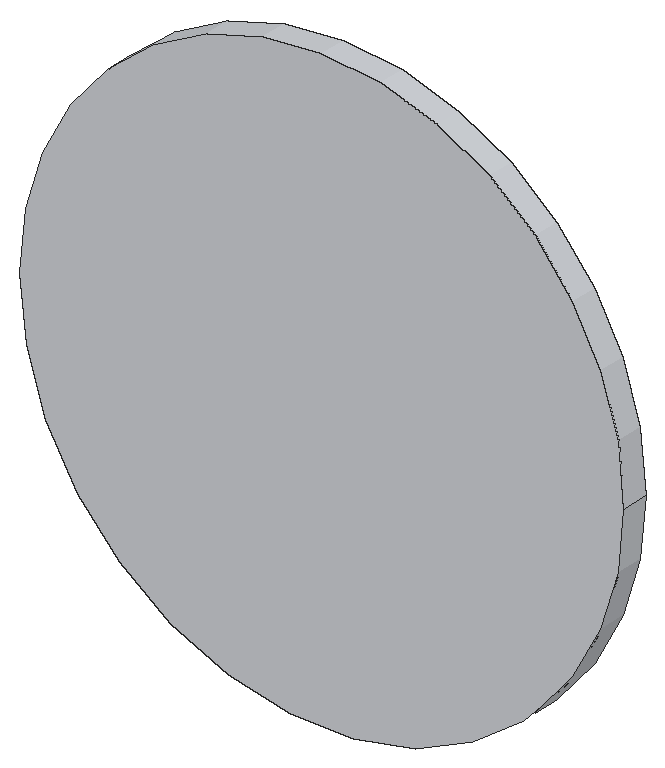
Revit family "TZF NAO P", category Aparatos sanitarios, Revit 2023
Family settings
  Cota de conector redondo = Usar diámetro
  Tipo de pieza = Normal
  Número OmniClass = 23.45.00.00
  Título OmniClass = Sanitary, Laundry, and Cleaning Equipment
  Se basa en plano de trabajo = No
  Activar corte en vistas = No
  Siempre vertical = Sí
  Corte con vacíos al cargar = No
  Mantener orientación de anotación = No
  Compartido = No
  Punto de cálculo de habitación = No
Parameters (values of type "TZF NAO P")
  URL = "https://helvex.com.mx/taza-para-fluxometro-a-pared-trampa-expuesta-tzf-nao-p"
  Comentarios de tipo = "Ceramic"
  Total Width = 16"
  Total Length = 25.6"
  Total Height = 14.6"
  Presión de Trabajo = "Pmin.= 2,0 kg/cm² para 3,5 LPD\r\nPmin.= 1,4 kg/cm² para 4,8 y 6 LPD\r\nPmax.= 6,0 kg/cm²"
  Modelo = "TZF NAO P"
  Maximum Consumption = "1,26 gpf"
  Fabricante = "HELVEX"
  Installation Adjustment = "Toilet Holder: Wall-Mount; Pipe Coupling: Spud Of Ø 1 ½\" (38 mm) And Ø 1 ¼\" (32 mm)"
  High Gloss Ceramic = High Gloss
  Features = "Diseño ergonómico, Máxima eficiencia en descarga, Mueble libre de alabeo (base plana), Cerámica porcelanizada de alto brillo, Calidad (A), Descarga tipo Turvex con jet, Espejo de agua óptimo."
  Descripción = "Taza para Fluxómetro a Pared,\r\n3,5, 4,8, y 6 LPD, Color Blanco\r\n3,5, 4,8, y 6 LPD, Color Blanco"
  Elevación por defecto = 16"
  Compliance = "NOM-009-CONAGUA-2001"
  Ceramic Warranty = "Helvex, S. A. de C. V. garantiza sus productos\r\ncerámicos como libres de defectos en materiales,\r\nmano de obra y procesos de fabricación por un\r\nperiodo de 65 años.\r\nEn los herrajes por defectos de manufactura por 5\r\naños.\r\nEl dispositivo TDS en el mingitorio seco por 3\r\naños.\r\nTapa y asiento por un periodo de 2 años.\r\nLa vigencia de la garantía inicia a partir de la fecha\r\nde entrega del producto al consumidor indicada en\r\nesta Póliza de Garantía."
  Accessories = "Se recomienda instalar con el soporte\r\nS-TZF-P (no incluído), para lograr las alturas de 15,5\" o 17\"."
Reference planes (in)
  plane 1 "Center (Front/Back)": y = 0
  plane 2: z = 0
  plane 3 "Center (Left/Right)": x = 0
  plane 4: z = 15.5
  plane 5: z = 5.5
Forms (in)
  Extrusion 1, solid
    sketch origin (0, 0, 0) x (1, 0, 0) y (0, 0, 1)
      loop
        circle (0, 5.5) r 2
    from 0 to -0.17844
Dimensions and locks (in)
  locked: plane 4 to plane 2 at 15.5
  plane 2 to plane 5 to plane 4 = 5.5", 10"
  aligned and locked: level to plane 2
Connectors (in)
  piping at (0, 0.17844, 5.5), diameter 4
    settings: on Extrusion 1, index 1, connector inside diameter 609.6 mm, connector length 0", flow factor 0, pipe flow 0.0 GPM, pressure drop 0.0 psi, fitting loss kfactor 0, connector angle 0.00°, fixture units 0, engagement length 0", angle of deflection 0.00°, flow configuration 2, flow direction 2, fitting loss method 0, system type 16, joint type 0, gender type 0, connector reference index -1, connector utility 0, adjustable connector no, is connector primary yes, connector description ""
